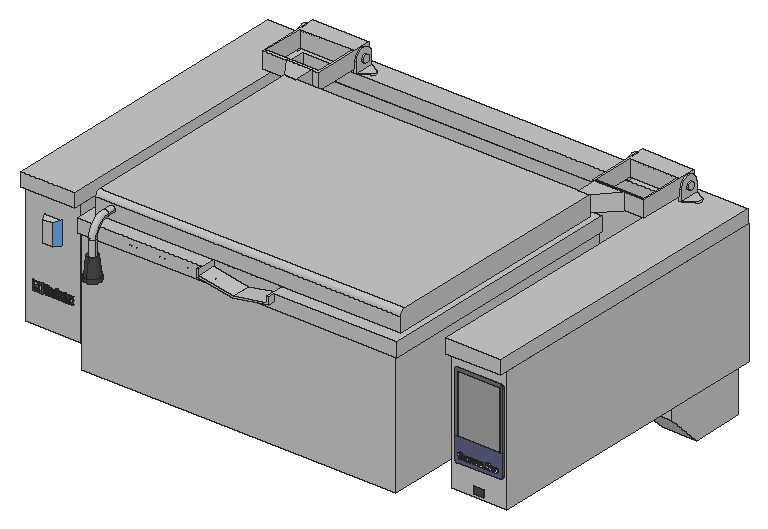
Revit family "QF_ELECTROLUXPROFESSIONAL_586283_PFET08EVEO", category Attrezzature speciali, Revit 2020
Family settings
  Quota connettore circolare = Usa diametro
  Tipo di parte = Normale
  Basato su piano di lavoro = No
  Sempre verticale = Sì
  Taglio con vuoti quando caricato = No
  Condiviso = No
  Punto di calcolo locali = No
Parameters (values of type "Standard")
  Weight = 240.00 kg
  Watts = 20600 W
  Volts = 400 V
  URL Manufacturer = "https://www.electroluxprofessional.com/"
  URL = "https://www.electroluxprofessional.com/"
  Steam Supply Size = 0 mm
  Steam Supply Minimum Pressure = 0.0 Pa
  Steam Supply Maximum Pressure = 0.0 Pa
  Steam Consumption per Hour = 0
  Refrigeration Suction Line Size = 0.0 mm
  Refrigeration Liquid Line Size = 0.0 mm
  Refrigerant Compressor Remote = yes
  Prospetto di default = 0.0 mm
  Produttore = "Electrolux Professional"
  Phase = 3
  Modello = "PFET08EVEO"
  Length Actual = 1400.0 mm  # constant formula
  Item Number = "586283"
  Hot Water Size = 12.7 mm
  Height Actual = 400.0 mm  # constant formula
  HP = "27.6 HP"
  Gas Size = 0 mm
  Gas KW = 0
  Gas Input Pressure = 0 W
  Direct Waste Size = 0 mm
  Descrizione = "ELECTRIC TILTING BRAISING PAN, 80L, COMPOUND, WALL,D900"
  Depth Actual = 900.0 mm  # constant formula
  Cycle = 50 Hz
  Condensate Return Size = 0 mm
  Compressed Air Volume = 0.0 L/s
  Compressed Air Size = 0 mm
  Compressed Air Pressure = 0.0 Pa
  Cold Water Size = 12.7 mm
  Accessory = yes
Reference planes
  plane 1 "Center (Front/Back)": y = 0
  plane 2: z = 0
  plane 3 "Center (Left/Right)": x = 0
  plane 4 "LEFT": x = -700
  plane 5 "RIGHT": x = 700
  plane 6 "BACK": y = 450
  plane 7 "FRONT": y = -450
  plane 8 "Base": z = 200
  plane 9 "TOP": z = 900
  plane 10: x = -540
  plane 11: x = 540
  plane 12 "Axe_PentolaY": y = -230
  plane 13 "AxePentolaZ": z = 730
  plane 14 "PLANE_TOP": z = 860
  plane 15: y = 380
  plane 16: z = 833
  plane 17: z = 502
  plane 18: z = 340
  plane 19: y = -552
  plane 20 "CentroPentolaY": y = -158
  plane 21 "TopCoperchio": z = 958
  plane 22 "Versamento": z = 910
  plane 23 "V1": through (-107.18, -558, 4000) normal (-0.7071, -0.7071, 0)
  plane 24 "V2": through (107.18, -558, 4000) normal (-0.7071, 0.7071, 0)
  plane 25 "Gfront": y = -1300
  plane 26 "LEVEL": through (-245.562, -289.383, 4000) normal (0.866, 0.5, 0)
  plane 27 "GRight": x = 250
  plane 28 "GLeft": x = -250
  plane 29 "Gback": y = -100
  plane 30: z = 1867
  plane 31 "Ribaltamento": y = -572
  plane 32 "AxeL": x = -620
  plane 33 "AxeR": x = 620
  plane 34 "Pentola_Back": y = 208
  plane 35 "Pentola_L": x = -457.5
  plane 36 "Pentola_R": x = 457.5
  plane 37: x = -397.5
  plane 38 "axeC1": x = -480
  plane 39 "axeC2": x = 480
Forms (mm)
  Revolve 1, solid, material "QF_Finishes_Stainless Steel"
    sketch origin (0, 0, 730) x (-1, 0, 0) y (0, -1, 0)
      loop
        line (540, 230) -> (-540, 230) -> (-540, 140) -> (-530, 140) -> (-530, 173) -> (530, 173) -> (530, 140) -> (540, 140) -> (540, 230)
      axis (540, 230) -> (-540, 230)
    angle from 0 to 360
  Extrusion 2, solid, material "QF_Finishes_Stainless Steel"
    sketch origin (0, 0, 860) x (-1, 0, 0) y (0, -1, 0)
      loop
        line (700, 450) -> (540, 450) -> (540, -380) -> (-540, -380) -> (-540, 450) -> (-700, 450) -> (-700, -450) -> (700, -450) -> (700, 450)
    from 0 to 40
  Extrusion 3, solid, material "QF_Finishes_Stainless Steel"
    sketch origin (0, 0, 860) x (-1, 0, 0) y (0, -1, 0)
      loop
        line (540, -380) -> (-540, -380) -> (-540, -450) -> (540, -450) -> (540, -380)
    from 0 to -360
  Extrusion 4, solid, material "QF_Finishes_Stainless Steel"
    sketch origin (-480, 0, 0) x (0, 1, 0) y (0, 0, 1)
      loop
        line (433.242, 900) -> (433.242, 931.379)
        arc (433.242, 931.379) -> (406.621, 958) -> (380, 931.379) r 26.621
        line (380, 931.379) -> (380, 900) -> (433.242, 900)
    from 88 to 95
  Extrusion 5, solid, material "QF_Finishes_Stainless Steel"
    sketch origin (-380, 0, 900) x (0, 1, 0) y (-1, 0, 0)
      loop
        line (380, 5) -> (395.936, -24.185)
        arc (395.936, -24.185) -> (406.621, -30.525) -> (417.305, -24.185) r 12.174
        line (417.305, -24.185) -> (433.242, 5) -> (380, 5)
      loop
        line (395.936, 211.185) -> (380, 182) -> (433.242, 182) -> (417.305, 211.185)
        arc (417.305, 211.185) -> (406.621, 217.525) -> (395.936, 211.185) r 12.174
    from 0 to 3
  Extrusion 6, solid, material "QF_Finishes_Stainless Steel"
    sketch origin (0, 0, 0) x (0, 1, 0) y (0, 0, 1)
      loop
        line (208, 860) -> (-529, 860) -> (-529, 502) -> (208, 502) -> (208, 860)
    from -457.5 to 457.5
  Extrusion 7, solid, material "QF_Finishes_Stainless Steel"
    sketch origin (0, 0, 0) x (0, 1, 0) y (0, 0, 1)
      loop
        line (214, 860) -> (214, 900) -> (-535, 900) -> (-535, 860) -> (214, 860)
    from -463.5 to 463.5
  Extrusion 8, void
    sketch origin (0, -450, 0) x (-1, 0, 0) y (0, 0, 1)
      loop
        line (-100, 900) -> (-100, 883.556) -> (0, 865.085) -> (100, 883.556) -> (100, 900) -> (-100, 900)
    from -85 to -45
  Extrusion 9, solid, material "QF_Finishes_Stainless Steel"
    sketch origin (0, 0, 0) x (0, 1, 0) y (0, 0, 1)
      loop
        line (194, 958) -> (-480, 958)
        arc (-480, 958) -> (-490.607, 953.607) -> (-495, 943) r 15
        line (-495, 943) -> (-495, 900) -> (194, 900) -> (194, 958)
    from -443.5 to 443.5
  Extrusion 10, solid, material "QF_Finishes_Stainless Steel"
    sketch origin (0, -450, 0) x (-1, 0, 0) y (0, 0, 1)
      loop
        line (100, 883.556) -> (0, 865.085) -> (-100, 883.556) -> (-100, 900) -> (-105, 900) -> (-105, 879.395) -> (0, 860) -> (105, 879.395) -> (105, 900) -> (100, 900) -> (100, 883.556)
    from -102 to -79
  Extrusion 11, solid, material "QF_Finishes_Stainless Steel"
    sketch origin (-480, 0, 0) x (0, 1, 0) y (0, 0, 1)
      loop
        line (433.242, 900) -> (433.242, 931.379)
        arc (433.242, 931.379) -> (406.621, 958) -> (380, 931.379) r 26.621
        line (380, 931.379) -> (380, 900) -> (433.242, 900)
    from -82 to -75
  Extrusion 12, solid, material "QF_Finishes_Stainless Steel"
    sketch origin (0, 0, 900) x (0, 1, 0) y (-1, 0, 0)
      loop
        line (433.242, 392) -> (433.242, 555) -> (252, 555) -> (252, 392) -> (433.242, 392)
      loop
        line (257, 550) -> (257, 397) -> (380, 397) -> (380, 550) -> (257, 550)
    from 10 to 58
  Extrusion 13, solid, material "QF_Finishes_Stainless Steel"
    sketch origin (-480, 0, 0) x (0, 1, 0) y (0, 0, 1)
      loop
        circle (406.621, 931.379) r 10
    from 95 to 102.877
  Extrusion 14, solid, material "QF_Finishes_Stainless Steel"
    sketch origin (-480, 0, 0) x (0, 1, 0) y (0, 0, 1)
      loop
        circle (406.621, 931.379) r 10
    from -82 to -89
  Extrusion 15, solid, material "QF_Finishes_Stainless Steel"
    sketch origin (480, 0, 900) x (0, 1, 0) y (-1, 0, 0)
      loop
        arc (395.936, -111.185) -> (406.621, -117.525) -> (417.305, -111.185) r 12.174
        line (417.305, -111.185) -> (433.242, -82) -> (380, -82) -> (395.936, -111.185)
      loop
        line (395.936, 111.185) -> (380, 82) -> (433.242, 82) -> (417.305, 111.185)
        arc (417.305, 111.185) -> (406.621, 117.525) -> (395.936, 111.185) r 12.174
    from 0 to 3
  Extrusion 16, solid, material "QF_Finishes_Stainless Steel"
    sketch origin (480, 0, 0) x (0, 1, 0) y (0, 0, 1)
      loop
        circle (406.621, 931.379) r 10
    from 82 to 89
  Extrusion 17, solid, material "QF_Finishes_Stainless Steel"
    sketch origin (480, 0, 0) x (0, 1, 0) y (0, 0, 1)
      loop
        circle (406.621, 931.379) r 10
    from -82 to -89
  Extrusion 18, solid, material "QF_Finishes_Stainless Steel"
    sketch origin (0, 0, 900) x (0, 1, 0) y (-1, 0, 0)
      loop
        line (433.242, -405) -> (252, -405) -> (252, -555) -> (433.242, -555) -> (433.242, -405)
      loop
        line (257, -550) -> (380, -550) -> (380, -410) -> (257, -410) -> (257, -550)
    from 10 to 58
  Extrusion 19, solid, material "QF_Finishes_Stainless Steel"
    sketch origin (480, 0, 0) x (0, 1, 0) y (0, 0, 1)
      loop
        line (433.242, 900) -> (433.242, 931.379)
        arc (433.242, 931.379) -> (406.621, 958) -> (380, 931.379) r 26.621
        line (380, 931.379) -> (380, 900) -> (433.242, 900)
    from 75 to 82
  Extrusion 20, solid, material "QF_Finishes_Stainless Steel"
    sketch origin (480, 0, 0) x (0, 1, 0) y (0, 0, 1)
      loop
        line (433.242, 900) -> (433.242, 931.379)
        arc (433.242, 931.379) -> (406.621, 958) -> (380, 931.379) r 26.621
        line (380, 931.379) -> (380, 900) -> (433.242, 900)
    from -82 to -75
  Extrusion 21, solid, material "QF_Finishes_Stainless Steel"
    sketch origin (0, 0, 900) x (0, 1, 0) y (-1, 0, 0)
      loop
        line (252, 412.5) -> (252, 484.112) -> (194, 443.5) -> (194, 412.5) -> (252, 412.5)
      loop
        line (252, -412.5) -> (194, -412.5) -> (194, -443.5) -> (252, -497.112) -> (252, -412.5)
    from 10 to 58
  Extrusion 22, solid, material "QF_Door-Drawer Clearances", detail levels coarse
    sketch origin (0, 43.989, -0.088) x (0, 1, 0) y (0, 0, 1)
      loop
        arc (-592.39, 847.898) -> (-615.226, 709.247) -> (-572.989, 575.225) r 302.677
        line (-572.989, 575.225) -> (-572.989, 847.898) -> (-592.39, 847.898)
      loop
        line (376.001, 958) -> (148.958, 1805.334) -> (134.47, 1801.451) -> (130.784, 1815.206)
        arc (130.784, 1815.206) -> (105.783, 1852.623) -> (63.169, 1867.088) r 70
        arc (63.169, 1867.088) -> (-375.163, 1494.534) -> (-538.989, 943.088) r 1010.009
        arc (-538.989, 943.088) -> (-535.155, 953.104) -> (-525.613, 958) r 15
        line (-525.613, 958) -> (376.001, 958)
    from 105 to -105
Cuts and joins
  Extrusion 8 cuts Extrusion 7
  joined: Extrusion 7, Extrusion 10
Lines and regions (mm)
  symbolic lines
    curve 1: line (700, 450, 900) -> (-700, 450, 900)
    curve 2: line (700, -450, 900) -> (700, 450, 900)
    curve 3: line (-700, 450, 900) -> (-700, -450, 900)
    curve 4: line (-700, -450, 900) -> (-540, -450, 900)
    curve 5: line (-540, -450, 900) -> (-540, 252, 900)
    curve 6: line (540, -450, 900) -> (700, -450, 900)
    curve 7: line (530, -140, 900) -> (530, -320, 900)
    curve 8: line (-530, -140, 900) -> (-530, -320, 900)
    curve 9: line (-530, -140, 900) -> (-540, -140, 900)
    curve 10: line (-530, -320, 900) -> (-540, -320, 900)
    curve 11: line (530, -140, 900) -> (540, -140, 900)
    curve 12: line (530, -320, 900) -> (540, -320, 900)
    curve 18: line (562, 380, 900) -> (555, 380, 900)
    curve 19: line (-530, -172.761, 900) -> (-462.169, -172.761, 900)
    curve 20: line (-530, -286.868, 900) -> (-463.5, -286.868, 900)
    curve 21: line (530, -172.761, 900) -> (463.5, -172.761, 900)
    curve 22: line (530, -286.868, 900) -> (463.5, -286.868, 900)
    curve 45: line (-443.5, -495, 900) -> (443.5, -495, 900)
    curve 49: line (-555, 252, 900) -> (-392, 252, 900)
    curve 50: line (-484.112, 252, 900) -> (-443.5, 194, 900)
    curve 51: line (-397.5, 194, 900) -> (-397.5, 214, 900)
    curve 52: line (-392, 252, 900) -> (-392, 433.242, 900)
    curve 53: line (-397, 257, 900) -> (-550, 257, 900)
    curve 54: line (-555, 433.242, 900) -> (-555, 252, 900)
    curve 55: line (-550, 257, 900) -> (-550, 380, 900)
    curve 56: line (-397, 380, 900) -> (-397, 257, 900)
    curve 57: line (-385, 380, 900) -> (-385, 433.242, 900)
    curve 58: line (-385, 433.242, 900) -> (-562, 433.242, 900)
    curve 59: line (-569, 416.621, 900) -> (-569, 396.621, 900)
    curve 60: line (-591.185, 395.936, 900) -> (-562, 380, 900)
    curve 61: arc (-591.185, 417.305, 900) -> (-597.525, 406.621, 900) -> (-591.185, 395.936, 900) r 12.174
    curve 62: line (-562, 433.242, 900) -> (-591.185, 417.305, 900)
    curve 63: line (-562, 433.242, 900) -> (-562, 380, 900)
    curve 64: arc (591.185, 395.936, 900) -> (597.525, 406.621, 900) -> (591.185, 417.305, 900) r 12.174
    curve 65: line (562, 380, 900) -> (591.185, 395.936, 900)
    curve 66: line (591.185, 417.305, 900) -> (562, 433.242, 900)
    curve 67: line (562, 380, 900) -> (562, 433.242, 900)
    curve 68: line (569, 396.621, 900) -> (569, 416.621, 900)
    curve 69: line (555, 252, 900) -> (555, 380, 900)
    curve 70: line (550, 380, 900) -> (550, 257, 900)
    curve 71: line (410, 257, 900) -> (410, 380, 900)
    curve 72: line (405, 433.242, 900) -> (405, 380, 900)
    curve 73: line (550, 257, 900) -> (410, 257, 900)
    curve 74: line (555, 252, 900) -> (405, 252, 900)
    curve 75: line (368.815, 395.936, 900) -> (398, 380, 900)
    curve 76: line (398, 433.242, 900) -> (368.815, 417.305, 900)
    curve 77: arc (368.815, 417.305, 900) -> (362.475, 406.621, 900) -> (368.815, 395.936, 900) r 12.174
    curve 78: line (391, 416.621, 900) -> (391, 396.621, 900)
    curve 79: line (398, 433.242, 900) -> (398, 380, 900)
    curve 80: line (443.5, 194, 900) -> (497.112, 252, 900)
    curve 81: line (-412.5, 194, 900) -> (-412.5, 252, 900)
    curve 82: line (-457.504, 214, 900) -> (-463.5, 214, 900)
    curve 83: line (412.5, 214, 900) -> (-412.5, 214, 900)
    curve 84: line (-569, 416.621, 900) -> (-562, 416.621, 900)
    curve 85: line (-569, 396.621, 900) -> (-562, 396.621, 900)
    curve 86: line (-377.123, 416.621, 900) -> (-385, 416.621, 900)
    curve 87: line (-377.123, 396.621, 900) -> (-385, 396.621, 900)
    curve 88: line (391, 396.621, 900) -> (398, 396.621, 900)
    curve 89: line (391, 416.621, 900) -> (398, 416.621, 900)
    curve 90: line (569, 416.621, 900) -> (562, 416.621, 900)
    curve 91: line (569, 396.621, 900) -> (562, 396.621, 900)
    curve 92: line (398, 433.242, 900) -> (562, 433.242, 900)
    curve 93: line (-550, 380, 900) -> (-397, 380, 900)
    curve 94: line (405, 380, 900) -> (405, 252, 900)
    curve 95: line (405, 380, 900) -> (-392, 380, 900)
    curve 96: line (550, 380, 900) -> (410, 380, 900)
    curve 97: line (555, 380, 900) -> (555, 433.242, 900)
    curve 98: line (540, 252, 900) -> (540, -450, 900)
    curve 99: line (-562, 380, 900) -> (-555, 380, 900)
    curve 100: line (-377.123, 416.621, 900) -> (-377.123, 396.621, 900)
    curve 101: line (-385, 380, 900) -> (-355.815, 395.936, 900)
    curve 102: arc (-355.815, 395.936, 900) -> (-349.475, 406.621, 900) -> (-355.815, 417.305, 900) r 12.174
    curve 103: line (-355.815, 417.305, 900) -> (-385, 433.242, 900)
    curve 104: line (412.5, 194, 900) -> (412.5, 252, 900)
    curve 105: line (-463.5, 214, 900) -> (-463.5, -535, 900)
    curve 106: line (-463.5, -535, 900) -> (-406.5, -535, 900)
    curve 107: line (-388.5, -535, 900) -> (-105, -535, 900)
    curve 108: line (105, -535, 900) -> (463.5, -535, 900)
    curve 109: line (463.5, -535, 900) -> (463.5, 214, 900)
  symbolic lines, style "SpecialityEquipmentHiddenLines"
    curve 13: line (-250, -1300, 900) -> (250, -1300, 900)
    curve 14: line (-250, -100, 900) -> (-250, -1300, 900)
    curve 15: line (250, -100, 900) -> (-250, -100, 900)
    curve 16: line (250, -1300, 900) -> (250, -100, 900)
    curve 39: line (0, -1165.484, 900) -> (0, -1135.484, 900)
    curve 40: line (-15, -1150.484, 900) -> (15, -1150.484, 900)
  symbolic lines, style "SpecialityEquipment"
    curve 17: circle (0, -1150.484, 900) r 15 normal (0, 0, 1)
    curve 23: line (210, -1300, 900) -> (210, -1100, 900)
    curve 24: line (170, -1300, 900) -> (170, -1140, 900)
    curve 25: line (130, -1300, 900) -> (130, -1180, 900)
    curve 26: line (90, -1300, 900) -> (90, -1220, 900)
    curve 27: line (90, -1260, 900) -> (250, -1260, 900)
    curve 28: line (130, -1220, 900) -> (250, -1220, 900)
    curve 29: line (170, -1180, 900) -> (250, -1180, 900)
    curve 30: line (210, -1140, 900) -> (250, -1140, 900)
    curve 31: line (-210, -1300, 900) -> (-210, -1100, 900)
    curve 32: line (-170, -1300, 900) -> (-170, -1140, 900)
    curve 33: line (-130, -1300, 900) -> (-130, -1180, 900)
    curve 34: line (-90, -1300, 900) -> (-90, -1220, 900)
    curve 35: line (-90, -1260, 900) -> (-250, -1260, 900)
    curve 36: line (-130, -1220, 900) -> (-250, -1220, 900)
    curve 37: line (-170, -1180, 900) -> (-250, -1180, 900)
    curve 38: line (-210, -1140, 900) -> (-250, -1140, 900)
    curve 41: line (-443.5, 194, 900) -> (-443.5, -495, 900)
    curve 42: line (443.5, -495, 900) -> (443.5, 194, 900)
    curve 43: line (443.5, 194, 900) -> (-443.5, 194, 900)
    curve 44: line (463.5, 214, 900) -> (461.987, 214, 900)
    curve 46: line (-105, -552, 900) -> (105, -552, 900)
    curve 47: line (105, -552, 900) -> (105, -495, 900)
    curve 48: line (-105, -495, 900) -> (-105, -552, 900)
Dimensions and locks
  plane 4 "LEFT" to plane 5 "RIGHT" = 1400.0 mm
  equal spacing: plane 4 "LEFT", plane 3 "Center (Left/Right)", plane 5 "RIGHT"
  equal spacing: plane 6 "BACK", plane 1 "Center (Front/Back)", plane 7 "FRONT"
  plane 6 "BACK" to plane 7 "FRONT" = 900.0 mm
  plane 8 "Base" to level = 200.0 mm
  plane 9 "TOP" to level = 900.0 mm
  plane 9 "TOP" to plane 8 "Base" = 700.0 mm
  locked: plane 4 "LEFT" to plane 10 at 160
  locked: plane 11 to plane 5 "RIGHT" at 160
  locked: plane 6 "BACK" to plane 12 "Axe_PentolaY" at 680
  locked: plane 13 "AxePentolaZ" to plane 8 "Base" at 530
  locked: Revolve 1 sketch curve to Revolve 1 sketch curve at 57
  locked: Revolve 1 sketch curve to Revolve 1 sketch curve at 90
  locked: plane 10 to Revolve 1 sketch curve at 10
  locked: Revolve 1 sketch curve to plane 11 at 10
  locked: plane 9 "TOP" to plane 14 "PLANE_TOP" at 40
  plane 6 "BACK" to plane 15 = 70.0 mm
  locked: plane 16 to plane 13 "AxePentolaZ" at 103
  locked: plane 13 "AxePentolaZ" to plane 17 at 228
  locked: plane 17 to plane 18 at 162
  plane 6 "BACK" to plane 19 = 1002.0 mm
  locked: plane 6 "BACK" to plane 20 "CentroPentolaY" at 608
  locked: plane 21 "TopCoperchio" to plane 9 "TOP" at 58
  locked: plane 22 "Versamento" to level at 910
  plane 6 "BACK" to plane 25 "Gfront" = 1750.0 mm
  locked: plane 28 "GLeft" to plane 3 "Center (Left/Right)" at 250
  locked: plane 3 "Center (Left/Right)" to plane 27 "GRight" at 250
  plane 6 "BACK" to plane 29 "Gback" = 550.0 mm
  plane 30 to plane 9 "TOP" = 967.0 mm
  plane 6 "BACK" to plane 31 "Ribaltamento" = 1022.0 mm
  equal spacing: plane 10, plane 32 "AxeL", plane 4 "LEFT"
  equal spacing: plane 5 "RIGHT", plane 33 "AxeR", plane 11
  locked: plane 36 "Pentola_R" to plane 35 "Pentola_L" at 915
  equal spacing: plane 36 "Pentola_R", plane 3 "Center (Left/Right)", plane 35 "Pentola_L"
  locked: Extrusion 7 sketch curve to plane 34 "Pentola_Back" at 6
  plane 34 "Pentola_Back" to plane 12 "Axe_PentolaY" = 438.0 mm
  locked: plane 37 to plane 35 "Pentola_L" at 60
  plane 4 "LEFT" to plane 38 "axeC1" = 220.0 mm
  plane 39 "axeC2" to plane 5 "RIGHT" = 220.0 mm
  locked: cut or joined group of Extrusion 7, Extrusion 8, Extrusion 10 to plane 36 "Pentola_R" at 6
  locked: plane 35 "Pentola_L" to cut or joined group of Extrusion 7, Extrusion 8, Extrusion 10 at 6
  locked: Extrusion 9 to plane 35 "Pentola_L" at 14
  locked: plane 36 "Pentola_R" to Extrusion 9 at 14
  aligned and locked: level to plane 2
  aligned and locked: plane 5 "RIGHT" to nested 2
  aligned and locked: plane 4 "LEFT" to nested 1
  aligned and locked: plane 6 "BACK" to nested 2
  aligned and locked: plane 10 to Revolve 1 sketch curve
  aligned and locked: plane 11 to Revolve 1 sketch curve
  aligned and locked: plane 4 "LEFT" to Extrusion 2 sketch curve
  aligned and locked: Extrusion 2 sketch curve to plane 10
  aligned and locked: plane 7 "FRONT" to Extrusion 2 sketch curve  (x2)
  aligned and locked: Extrusion 2 sketch curve to plane 5 "RIGHT"
  aligned and locked: plane 11 to Extrusion 2 sketch curve
  aligned and locked: Extrusion 2 sketch curve to plane 6 "BACK"
  aligned and locked: plane 15 to Extrusion 2 sketch curve
  aligned and locked: Extrusion 3 sketch curve to plane 10
  aligned and locked: plane 6 "BACK" to Extrusion 3 sketch curve
  aligned and locked: plane 11 to Extrusion 3 sketch curve
  aligned and locked: Extrusion 3 sketch curve to plane 15
  aligned and locked: curve 13 to plane 25 "Gfront"
  aligned and locked: curve 14 to plane 28 "GLeft"
  aligned and locked: plane 27 "GRight" to curve 16
  aligned and locked: plane 29 "Gback" to curve 15
  aligned and locked: plane 17 to Extrusion 6 sketch curve
  aligned and locked: plane 9 "TOP" to Extrusion 7 sketch curve
  aligned and locked: Extrusion 6 to plane 35 "Pentola_L"
  aligned and locked: plane 36 "Pentola_R" to Extrusion 6
  aligned and locked: plane 37 to nested 3
Automatic sketch dimensions
  plane 12 "Axe_PentolaY" to Revolve 1 sketch curve = 0.0 mm
  Revolve 1 sketch curve to plane 12 "Axe_PentolaY" = 0.0 mm
  plane 20 "CentroPentolaY" to Revolve 1 sketch curve = 18.0 mm
  plane 5 "RIGHT" to Revolve 1 sketch curve = 432.098 mm
  Revolve 1 sketch curve to plane 4 "LEFT" = 580.148 mm
  Extrusion 4 sketch curve to plane 9 "TOP" = 0.0 mm
  Extrusion 4 sketch curve to plane 15 = 0.0 mm
  plane 15 to Extrusion 4 sketch curve = 26.621 mm
  plane 22 "Versamento" to Extrusion 4 sketch curve = 21.379 mm
  plane 16 to Extrusion 6 sketch curve = 27.0 mm
  Extrusion 6 sketch curve to plane 34 "Pentola_Back" = 0.0 mm
  Extrusion 6 sketch curve to plane 7 "FRONT" = 79.0 mm
  Extrusion 7 sketch curve to plane 7 "FRONT" = 85.0 mm
  Extrusion 9 sketch curve to plane 9 "TOP" = 0.0 mm
  Extrusion 9 sketch curve to plane 7 "FRONT" = 45.0 mm
  Extrusion 9 sketch curve to Extrusion 9 sketch curve = 15.0 mm
  Extrusion 9 sketch curve to plane 34 "Pentola_Back" = 14.0 mm
  Extrusion 11 sketch curve to plane 9 "TOP" = 0.0 mm
  Extrusion 11 sketch curve to plane 15 = 0.0 mm
  plane 15 to Extrusion 11 sketch curve = 26.621 mm
  plane 22 "Versamento" to Extrusion 11 sketch curve = 21.379 mm
  Extrusion 12 sketch curve to plane 15 = 0.0 mm
  plane 37 to Extrusion 12 sketch curve = 0.5 mm
  plane 34 "Pentola_Back" to Extrusion 12 sketch curve = 49.0 mm
  Extrusion 12 sketch curve to Extrusion 12 sketch curve = 5.0 mm
  Extrusion 12 sketch curve to plane 6 "BACK" = 16.758 mm
  plane 37 to Extrusion 12 sketch curve = 5.5 mm
  Extrusion 12 sketch curve to plane 10 = 10.0 mm
  Extrusion 12 sketch curve to plane 10 = 15.0 mm
  plane 15 to Extrusion 13 sketch curve = 26.621 mm
  plane 22 "Versamento" to Extrusion 13 sketch curve = 21.379 mm
  plane 15 to Extrusion 14 sketch curve = 26.621 mm
  plane 22 "Versamento" to Extrusion 14 sketch curve = 21.379 mm
  Extrusion 15 sketch curve to plane 15 = 0.0 mm  (x2)
  plane 15 to Extrusion 15 sketch curve = 15.936 mm  (x2)
  Extrusion 15 sketch curve to Extrusion 15 sketch curve = 10.684 mm  (x4)
  plane 27 "GRight" to Extrusion 15 sketch curve = 118.815 mm
  Extrusion 15 sketch curve to plane 6 "BACK" = 16.758 mm  (x2)
  Extrusion 15 sketch curve to Extrusion 15 sketch curve = 5.834 mm  (x2)
  Extrusion 15 sketch curve to Extrusion 15 sketch curve = 29.185 mm
  plane 11 to Extrusion 15 sketch curve = 22.0 mm
  Extrusion 15 sketch curve to plane 33 "AxeR" = 34.649 mm
  plane 15 to Extrusion 16 sketch curve = 26.621 mm
  plane 22 "Versamento" to Extrusion 16 sketch curve = 21.379 mm
  plane 15 to Extrusion 17 sketch curve = 26.621 mm
  plane 22 "Versamento" to Extrusion 17 sketch curve = 21.379 mm
  Extrusion 18 sketch curve to plane 15 = 0.0 mm
  Extrusion 18 sketch curve to plane 34 "Pentola_Back" = 49.0 mm
  Extrusion 18 sketch curve to Extrusion 18 sketch curve = 5.0 mm  (x2)
  plane 6 "BACK" to Extrusion 18 sketch curve = 16.758 mm
  Extrusion 18 sketch curve to plane 27 "GRight" = 155.0 mm
  Extrusion 18 sketch curve to plane 11 = 10.0 mm
  Extrusion 18 sketch curve to plane 11 = 15.0 mm
  Extrusion 19 sketch curve to plane 9 "TOP" = 0.0 mm
  Extrusion 19 sketch curve to plane 15 = 0.0 mm
  Extrusion 19 sketch curve to Extrusion 19 sketch curve = 26.621 mm
  plane 22 "Versamento" to Extrusion 19 sketch curve = 21.379 mm
  Extrusion 20 sketch curve to plane 9 "TOP" = 0.0 mm
  Extrusion 20 sketch curve to plane 15 = 0.0 mm
  Extrusion 20 sketch curve to Extrusion 20 sketch curve = 26.621 mm
  plane 22 "Versamento" to Extrusion 20 sketch curve = 21.379 mm
  Extrusion 9 sketch curve to plane 21 "TopCoperchio" = 0.0 mm
  plane 16 to Extrusion 7 sketch curve = 27.0 mm
  Extrusion 5 sketch curve to plane 15 = 0.0 mm  (x2)
  plane 15 to Extrusion 5 sketch curve = 15.936 mm  (x2)
  Extrusion 5 sketch curve to Extrusion 5 sketch curve = 10.684 mm  (x4)
  Extrusion 5 sketch curve to plane 6 "BACK" = 16.758 mm  (x2)
  plane 37 to Extrusion 5 sketch curve = 41.685 mm
  Extrusion 5 sketch curve to Extrusion 5 sketch curve = 5.834 mm  (x2)
  Extrusion 5 sketch curve to plane 10 = 22.0 mm
  plane 32 "AxeL" to Extrusion 5 sketch curve = 34.649 mm
  plane 37 to Extrusion 5 sketch curve = 12.5 mm
  Extrusion 21 sketch curve to plane 34 "Pentola_Back" = 14.0 mm  (x2)
  Extrusion 21 sketch curve to plane 38 "axeC1" = 4.112 mm
  plane 34 "Pentola_Back" to Extrusion 21 sketch curve = 44.0 mm  (x2)
  plane 35 "Pentola_L" to Extrusion 21 sketch curve = 14.0 mm
  Extrusion 21 sketch curve to plane 37 = 15.0 mm
  Extrusion 21 sketch curve to plane 36 "Pentola_R" = 45.0 mm
  Extrusion 21 sketch curve to plane 36 "Pentola_R" = 14.0 mm
  plane 39 "axeC2" to Extrusion 21 sketch curve = 17.112 mm
  Extrusion 22 sketch curve to plane 30 = 0.0 mm
  plane 19 to Extrusion 22 sketch curve = 3.599 mm
  plane 19 to Extrusion 22 sketch curve = 23.0 mm
  Extrusion 22 sketch curve to plane 7 "FRONT" = 30.0 mm
  plane 13 "AxePentolaZ" to Extrusion 22 sketch curve = 0.64 mm
  Extrusion 22 sketch curve to plane 12 "Axe_PentolaY" = 39.323 mm
  Extrusion 22 sketch curve to plane 34 "Pentola_Back" = 33.227 mm
  Extrusion 22 sketch curve to Extrusion 22 sketch curve = 3.685 mm
  Extrusion 22 sketch curve to Extrusion 22 sketch curve = 14.489 mm
  Extrusion 22 sketch curve to plane 21 "TopCoperchio" = 0.088 mm
  Extrusion 22 sketch curve to plane 6 "BACK" = 30.01 mm
  Extrusion 22 sketch curve to plane 21 "TopCoperchio" = 15.0 mm
  plane 6 "BACK" to Extrusion 22 sketch curve = 65.009 mm
  plane 17 to Extrusion 22 sketch curve = 73.137 mm
  Extrusion 22 sketch curve to plane 30 = 70.0 mm
  Extrusion 22 sketch curve to Extrusion 22 sketch curve = 0.0 mm
  Extrusion 22 sketch curve to Extrusion 22 sketch curve = 1.624 mm
  curve 39 to plane 3 "Center (Left/Right)" = 0.0 mm
  curve 17 to plane 3 "Center (Left/Right)" = 0.0 mm
  curve 48 to plane 19 = 0.0 mm
  curve 6 to plane 5 "RIGHT" = 0.0 mm
  curve 6 to plane 7 "FRONT" = 0.0 mm
  curve 4 to plane 7 "FRONT" = 0.0 mm
  curve 10 to plane 10 = 0.0 mm
  curve 12 to plane 11 = 0.0 mm
  curve 51 to plane 37 = 0.0 mm
  curve 75 to plane 15 = 0.0 mm
  curve 18 to plane 15 = 0.0 mm
  curve 93 to plane 15 = 0.0 mm
  curve 99 to plane 15 = 0.0 mm
  curve 70 to plane 15 = 0.0 mm
  curve 2 to plane 6 "BACK" = 0.0 mm
  curve 3 to plane 4 "LEFT" = 0.0 mm
  plane 25 "Gfront" to curve 17 = 149.516 mm
  plane 19 to curve 105 = 17.0 mm
  plane 36 "Pentola_R" to curve 108 = 6.0 mm
  plane 19 to curve 108 = 17.0 mm
  curve 45 to plane 36 "Pentola_R" = 14.0 mm
  curve 108 to curve 45 = 40.0 mm
  plane 10 to curve 10 = 10.0 mm
  curve 10 to plane 12 "Axe_PentolaY" = 90.0 mm
  curve 7 to plane 11 = 10.0 mm
  curve 7 to plane 12 "Axe_PentolaY" = 90.0 mm
  plane 20 "CentroPentolaY" to curve 11 = 18.0 mm
  plane 20 "CentroPentolaY" to curve 8 = 18.0 mm
  curve 43 to plane 34 "Pentola_Back" = 14.0 mm
  plane 34 "Pentola_Back" to curve 82 = 6.0 mm
  plane 34 "Pentola_Back" to curve 44 = 6.0 mm
  plane 11 to curve 74 = 15.0 mm
  plane 34 "Pentola_Back" to curve 74 = 44.0 mm
  curve 54 to plane 10 = 15.0 mm
  plane 34 "Pentola_Back" to curve 54 = 44.0 mm
  curve 49 to curve 53 = 5.0 mm
  curve 104 to curve 73 = 5.0 mm
  plane 15 to curve 60 = 15.936 mm
  plane 15 to curve 75 = 15.936 mm
  plane 15 to curve 65 = 15.936 mm
  plane 15 to curve 101 = 15.936 mm
  plane 15 to curve 88 = 16.621 mm
  plane 15 to curve 59 = 16.621 mm
  plane 15 to curve 68 = 16.621 mm
  plane 15 to curve 100 = 16.621 mm
  curve 77 to curve 77 = 10.684 mm
  curve 60 to curve 61 = 10.684 mm
  curve 102 to curve 102 = 10.684 mm
  curve 64 to curve 64 = 10.684 mm
  curve 102 to curve 86 = 10.0 mm
  curve 64 to curve 90 = 10.0 mm
  curve 61 to curve 84 = 10.0 mm
  curve 77 to curve 89 = 10.0 mm
  curve 61 to curve 62 = 10.684 mm
  curve 77 to curve 76 = 10.684 mm
  curve 64 to curve 66 = 10.684 mm
  curve 102 to curve 103 = 10.684 mm
  curve 86 to curve 58 = 16.621 mm
  curve 90 to curve 92 = 16.621 mm
  curve 65 to plane 33 "AxeR" = 28.815 mm
  curve 64 to curve 64 = 5.834 mm
  curve 64 to curve 68 = 16.351 mm
  curve 68 to curve 66 = 7.0 mm
  curve 18 to curve 96 = 5.0 mm
  curve 73 to plane 36 "Pentola_R" = 47.5 mm
  curve 71 to curve 95 = 5.0 mm
  curve 94 to curve 79 = 7.0 mm
  curve 89 to curve 78 = 7.0 mm
  curve 78 to curve 77 = 16.351 mm
  curve 77 to curve 76 = 5.834 mm
  plane 3 "Center (Left/Right)" to curve 46 = 105.0 mm
  curve 48 to plane 3 "Center (Left/Right)" = 105.0 mm
  plane 37 to curve 101 = 41.685 mm
  curve 103 to curve 102 = 5.834 mm
  curve 102 to curve 86 = 15.475 mm
  plane 37 to curve 57 = 12.5 mm
  plane 37 to curve 49 = 5.5 mm
  plane 37 to curve 93 = 0.5 mm
  plane 35 "Pentola_L" to curve 45 = 14.0 mm
  curve 53 to curve 49 = 5.0 mm
  curve 99 to curve 63 = 7.0 mm
  curve 85 to curve 85 = 7.0 mm
  curve 59 to curve 61 = 16.351 mm
  curve 61 to curve 62 = 5.834 mm
  curve 26 to curve 27 = 40.0 mm
  curve 13 to curve 35 = 40.0 mm
  curve 27 to curve 28 = 40.0 mm
  curve 26 to curve 28 = 0.0 mm
  curve 35 to curve 36 = 40.0 mm
  curve 36 to curve 34 = 0.0 mm
  curve 36 to curve 37 = 40.0 mm
  curve 37 to curve 33 = 0.0 mm
  curve 28 to curve 29 = 40.0 mm
  curve 25 to curve 29 = 0.0 mm
  curve 39 to curve 17 = 15.0 mm
  curve 17 to curve 40 = 0.0 mm
  curve 37 to curve 32 = 40.0 mm
  curve 29 to curve 24 = 40.0 mm
  curve 37 to curve 38 = 40.0 mm
  curve 24 to curve 30 = 0.0 mm
  curve 38 to curve 31 = 40.0 mm
  curve 30 to curve 23 = 40.0 mm
  curve 46 to curve 107 = 17.0 mm
  curve 8 to curve 20 = 33.132 mm
  curve 22 to plane 12 "Axe_PentolaY" = 56.868 mm
  curve 19 to plane 35 "Pentola_L" = 4.669 mm
  curve 19 to plane 20 "CentroPentolaY" = 14.761 mm
  curve 21 to plane 20 "CentroPentolaY" = 14.761 mm
  plane 34 "Pentola_Back" to curve 51 = 6.0 mm
  curve 97 to curve 18 = 0.0 mm
  plane 39 "axeC2" to curve 80 = 17.112 mm
  curve 42 to curve 104 = 31.0 mm
  curve 72 to curve 94 = 0.0 mm
  curve 75 to curve 79 = 0.0 mm
  curve 23 to plane 27 "GRight" = 40.0 mm
  curve 30 to curve 29 = 40.0 mm
  curve 29 to curve 28 = 40.0 mm
  curve 28 to curve 26 = 40.0 mm
  curve 34 to plane 3 "Center (Left/Right)" = 90.0 mm
  curve 34 to curve 36 = 40.0 mm
  curve 33 to curve 32 = 40.0 mm
  curve 38 to curve 38 = 40.0 mm
  plane 37 to curve 107 = 9.0 mm
  curve 106 to plane 37 = 9.0 mm
  curve 81 to plane 37 = 15.0 mm
  curve 82 to plane 35 "Pentola_L" = 0.004 mm
  curve 20 to plane 35 "Pentola_L" = 6.0 mm
  Extrusion 8 sketch curve to plane 9 "TOP" = 0.0 mm
  Extrusion 8 sketch curve to plane 3 "Center (Left/Right)" = 0.0 mm
  Extrusion 8 sketch curve to plane 3 "Center (Left/Right)" = 100.0 mm
  Extrusion 8 sketch curve to plane 9 "TOP" = 16.444 mm  (x2)
  plane 3 "Center (Left/Right)" to Extrusion 8 sketch curve = 100.0 mm
  plane 14 "PLANE_TOP" to Extrusion 8 sketch curve = 5.085 mm
  Extrusion 10 sketch curve to plane 9 "TOP" = 0.0 mm  (x2)
  Extrusion 10 sketch curve to plane 3 "Center (Left/Right)" = 0.0 mm  (x2)
  Extrusion 10 sketch curve to plane 14 "PLANE_TOP" = 0.0 mm
  Extrusion 10 sketch curve to plane 9 "TOP" = 16.444 mm
  plane 3 "Center (Left/Right)" to Extrusion 10 sketch curve = 100.0 mm
  Extrusion 10 sketch curve to Extrusion 10 sketch curve = 5.0 mm  (x2)
  Extrusion 10 sketch curve to plane 3 "Center (Left/Right)" = 100.0 mm
  Extrusion 10 sketch curve to Extrusion 10 sketch curve = 5.085 mm
  plane 14 "PLANE_TOP" to Extrusion 10 sketch curve = 19.395 mm
  Extrusion 10 sketch curve to Extrusion 10 sketch curve = 4.161 mm  (x2)
  radius of Extrusion 13 sketch curve = 10.0 mm
  radius of Extrusion 14 sketch curve = 10.0 mm
  radius of Extrusion 16 sketch curve = 10.0 mm
  radius of Extrusion 17 sketch curve = 10.0 mm
Nested families
  nested 1: "QF_ELECTROLUXPROFESSIONAL_PBOT900H400_LEFT" at (-620, 0, 0), type "QF_ELECTROLUXPROFESSIONAL_PBOT900H400_LEFT"
    with Body Finish QF_Finishes_Stainless Steel
  nested 2: "QF_ELECTROLUXPROFESSIONAL_PBOT900H400_RIGHT" at (620, 0, 0), type "QF_ELECTROLUXPROFESSIONAL_PBOT900H400_RIGHT"
    with Body Finish QF_Finishes_Stainless Steel
  nested 3: "QF_ELECTROLUXPROFESSIONAL_PFET900_LEVEL2" at (-397.5, -495, 927.803), type "QF_ELECTROLUXPROFESSIONAL_PFET900_LEVEL2"
Connectors
  piping at (-650, 453, 395), diameter 12.7, driven by "Hot Water Size"
    settings: on nested 1, index 1, connector inside diameter 609.6 mm, connector length 0.0 mm, flow factor 0, pipe flow 0.0 L/s, pressure drop 0.0 Pa, fitting loss kfactor 0, connector angle 0.00°, fixture units 0, engagement length 0.0 mm, angle of deflection 0.00°, flow configuration 1, flow direction 1, fitting loss method 0, system type 19, joint type 0, gender type 0, connector reference index -1, connector utility 0, adjustable connector no, is connector primary yes, connector description "Hot Water Inlet"
  piping at (-590, 453, 395), diameter 12.7, driven by "Cold Water Size"
    settings: on nested 1, index 2, connector inside diameter 609.6 mm, connector length 0.0 mm, flow factor 0, pipe flow 0.0 L/s, pressure drop 0.0 Pa, fitting loss kfactor 0, connector angle 0.00°, fixture units 0, engagement length 0.0 mm, angle of deflection 0.00°, flow configuration 1, flow direction 1, fitting loss method 0, system type 20, joint type 0, gender type 0, connector reference index -1, connector utility 0, adjustable connector no, is connector primary no, connector description "Cold Water Inlet"
  electrical at (620, 450, 450), driven by "Volts"
    settings: on nested 2, index 3, voltage 400 V, apparent load 0 VA, apparent load phase1 0 VA, apparent load phase2 0 VA, apparent load phase3 0 VA, power factor 1, load classification "Other", number of poles 1, system type 30, power factor state 1, is connector primary yes, connector utility no, sub classification motor no, connector description "Electrical Connection"
Definition of nested family "QF_ELECTROLUXPROFESSIONAL_PBOT900H400_LEFT"
  Parameters
    Width = 160.0 mm
    Right = Width / 2  # 80.0 mm
    Default Elevation = 0.0 mm
    Left = -Width / 2  # -80.0 mm
    Htop = 40.0 mm
    Height = 900.0 mm
    HW_CW_y = 312.0 mm
    HW_CW_Border = 50.0 mm
    HBase = 200.0 mm
    Depth = 900.0 mm
    BorderFront = 20.0 mm
    Body Finish [instance] = none
  Reference planes
    plane 1 "Center (Front/Back)": y = 0
    plane 2: z = 0
    plane 3 "Center (Left/Right)": x = 0
    plane 4 "LEFT": x = -80
    plane 5 "RIGHT": x = 80
    plane 6 "BACK": y = 450
    plane 7 "FRONT": y = -450
    plane 8 "TOP": z = 900
    plane 9 "BorderFront": y = -430
    plane 10: z = 860
    plane 11: x = -30
    plane 12: x = 30
    plane 13: z = 500
    plane 14 "Base": z = 350
    plane 15: y = 210
    plane 16: x = 20
    plane 17: z = 800
    plane 18: z = 525
  Forms (mm)
    Extrusion 1, solid
      sketch origin (0, 0, 0) x (1, 0, 0) y (0, 1, 0)
        loop
          line (-80, 450) -> (-80, -430) -> (80, -430) -> (80, 450) -> (-80, 450)
      from 860 to 500
    Extrusion 2, solid, material <- "Body Finish"
      sketch origin (0, 450, 0) x (-1, 0, 0) y (0, 0, 1)
        loop
          circle (30, 395) r 6.35
        loop
          circle (-30, 395) r 6.35
      from 3 to 0
    Blend 3, solid, material <- "Body Finish"
      base sketch origin (0, -430, -0.233) x (-1, 0, 0) y (0, 0, 1)
        loop
          line (23.5, 800.233) -> (-23.5, 800.233) -> (-23.5, 733.433) -> (23.5, 733.433) -> (23.5, 800.233)
      top sketch origin (0, -430, -0.233) x (-1, 0, 0) y (0, 0, 1)
        loop
          line (13.448, 797.45) -> (-13.448, 797.45) -> (-13.448, 736.216) -> (13.448, 736.216) -> (13.448, 797.45)
      from 0 to -20
    Extrusion 4, solid
      sketch origin (-12.54, -430, 23) x (-1, 0, 0) y (0, 0, 1)
        loop
          line (5.327, 593.058) -> (5.327, 590.846) -> (11.437, 590.846) -> (11.437, 587.616) -> (5.692, 587.616) -> (5.692, 585.398) -> (11.437, 585.398) -> (11.437, 583.444)
          arc (11.437, 583.444) -> (10.839, 582.088) -> (9.435, 581.614) r 1.838
          line (9.435, 581.614) -> (5.163, 581.614) -> (5.163, 579.403) -> (9.986, 579.403)
          arc (9.986, 579.403) -> (12.674, 580.517) -> (13.788, 583.205) r 3.802
          line (13.788, 583.205) -> (13.788, 593.058) -> (5.327, 593.058)
        loop
          line (3.492, 593.058) -> (1.141, 593.058) -> (1.141, 579.403) -> (3.492, 579.403) -> (3.492, 593.058)
        loop
          line (-47.588, 593.058) -> (-49.941, 593.058) -> (-49.941, 579.403) -> (-47.588, 579.403) -> (-47.588, 593.058)
        loop
          arc (-2.749, 583.764) -> (-3.194, 582.272) -> (-4.489, 581.409) r 2.29
          arc (-4.489, 581.409) -> (-6.614, 581.225) -> (-8.443, 582.322) r 3.458
          line (-8.443, 582.322) -> (-9.836, 580.928)
          arc (-9.836, 580.928) -> (-7.685, 579.48) -> (-5.119, 579.102) r 5.86
          arc (-5.119, 579.102) -> (-1.823, 580.467) -> (-0.457, 583.764) r 4.662
          arc (-0.457, 583.764) -> (-1.495, 587.706) -> (-5.131, 589.55) r 4.976
          arc (-5.131, 589.55) -> (-9.259, 588.004) -> (-10.466, 583.764) r 4.89
          line (-10.466, 583.764) -> (-2.749, 583.764)
        loop
          arc (-2.808, 585.417) -> (-3.843, 587.066) -> (-5.727, 587.557) r 2.64
          arc (-5.727, 587.557) -> (-7.36, 586.981) -> (-8.104, 585.417) r 2.256
          line (-8.104, 585.417) -> (-2.808, 585.417)
        loop
          arc (-19.634, 586.402) -> (-17.741, 587.437) -> (-15.609, 587.112) r 3.369
          arc (-15.609, 587.112) -> (-14.276, 585.699) -> (-14.118, 583.764) r 2.933
          arc (-14.118, 583.764) -> (-16.389, 581.316) -> (-19.559, 582.365) r 3.088
          line (-19.559, 582.365) -> (-21.028, 580.896)
          arc (-21.028, 580.896) -> (-14.811, 579.611) -> (-11.775, 585.186) r 5.33
          arc (-11.775, 585.186) -> (-13.576, 588.365) -> (-17.009, 589.62) r 5.293
          arc (-17.009, 589.62) -> (-19.259, 589.219) -> (-21.111, 587.878) r 5.117
          line (-21.111, 587.878) -> (-19.634, 586.402)
        loop
          line (-22.556, 593.058) -> (-24.908, 593.058) -> (-24.908, 589.279) -> (-27.044, 589.279) -> (-27.044, 587.143) -> (-24.908, 587.143) -> (-24.908, 583.764)
          arc (-24.908, 583.764) -> (-25.11, 582.682) -> (-25.866, 581.883) r 1.949
          arc (-25.866, 581.883) -> (-26.455, 581.649) -> (-27.088, 581.601) r 2.118
          line (-27.088, 581.601) -> (-27.088, 579.397)
          arc (-27.088, 579.397) -> (-24.962, 579.678) -> (-23.283, 581.013) r 4.018
          arc (-23.283, 581.013) -> (-22.759, 582.327) -> (-22.556, 583.727) r 6.031
          line (-22.556, 583.727) -> (-22.556, 593.058)
        loop
          line (-31.355, 584.595) -> (-31.355, 579.403) -> (-29.023, 579.403) -> (-29.023, 589.279) -> (-31.355, 589.279) -> (-31.355, 587.855)
          arc (-31.355, 587.855) -> (-32.932, 589.208) -> (-35.001, 589.403) r 3.432
          line (-35.001, 589.403) -> (-35.001, 587.143)
          arc (-35.001, 587.143) -> (-33.417, 587.175) -> (-32.009, 586.452) r 3.231
          arc (-32.009, 586.452) -> (-31.523, 585.579) -> (-31.355, 584.595) r 2.967
        loop
          circle (-40.752, 584.339) r 5.233
        loop
          circle (-40.752, 584.339) r 3.172
        loop
          line (-58.424, 583.516) -> (-58.424, 589.279) -> (-60.794, 589.279) -> (-60.794, 583.417)
          arc (-60.794, 583.417) -> (-59.481, 580.276) -> (-56.268, 579.153) r 4.181
          arc (-56.268, 579.153) -> (-53.09, 580.243) -> (-51.74, 583.32) r 4.181
          line (-51.74, 583.32) -> (-51.74, 589.279) -> (-54.111, 589.279) -> (-54.111, 583.516)
          arc (-54.111, 583.516) -> (-54.692, 581.919) -> (-56.268, 581.283) r 2.088
          arc (-56.268, 581.283) -> (-57.843, 581.919) -> (-58.424, 583.516) r 2.088
        loop
          line (-62.216, 589.279) -> (-64.76, 589.279) -> (-66.89, 586.347) -> (-69.053, 589.279) -> (-71.621, 589.279) -> (-68.238, 584.695) -> (-71.937, 579.4) -> (-69.425, 579.4) -> (-66.898, 582.879) -> (-64.408, 579.4) -> (-61.879, 579.4) -> (-65.631, 584.642) -> (-62.216, 589.279)
        loop
          arc (12.465, 573.743) -> (10.91, 572.325) -> (12.18, 570.647) r 1.561
          line (12.18, 570.647) -> (13.314, 570.647) -> (13.314, 569.021) -> (14.34, 569.021) -> (14.34, 573.743) -> (12.465, 573.743)
        loop
          line (12.224, 571.575) -> (13.314, 571.575) -> (13.314, 572.789) -> (12.224, 572.789)
          arc (12.224, 572.789) -> (11.836, 572.182) -> (12.224, 571.575) r 0.668
        loop
          arc (5.055, 573.743) -> (3.966, 573.299) -> (3.497, 572.221) r 1.559
          arc (3.497, 572.221) -> (3.646, 571.544) -> (4.091, 571.012) r 1.458
          line (4.091, 571.012) -> (3.163, 569.021) -> (4.265, 569.021) -> (4.944, 570.647) -> (5.937, 570.647) -> (5.937, 569.021) -> (6.963, 569.021) -> (6.963, 573.743) -> (5.055, 573.743)
        loop
          line (5.937, 572.789) -> (4.847, 572.789)
          arc (4.847, 572.789) -> (4.459, 572.182) -> (4.847, 571.575) r 0.668
          line (4.847, 571.575) -> (5.937, 571.575) -> (5.937, 572.789)
        loop
          circle (-2.866, 571.382) r 2.453
        loop
          circle (-2.866, 571.382) r 1.557
        loop
          line (-9.35, 573.743) -> (-12.299, 573.743) -> (-12.299, 572.725) -> (-10.352, 572.725) -> (-10.352, 571.729) -> (-12.129, 571.729) -> (-12.129, 570.671) -> (-10.352, 570.671) -> (-10.352, 569.021) -> (-9.35, 569.021) -> (-9.35, 573.743)
        loop
          line (-16.282, 573.743) -> (-19.27, 573.743) -> (-19.27, 572.851) -> (-17.252, 572.851) -> (-17.252, 571.921) -> (-19.139, 571.921) -> (-19.139, 571.029) -> (-17.252, 571.029)
          arc (-17.252, 571.029) -> (-17.355, 570.353) -> (-17.883, 569.916) r 0.961
          line (-17.883, 569.916) -> (-19.316, 569.916) -> (-19.316, 569.024) -> (-17.792, 569.024)
          arc (-17.792, 569.024) -> (-16.717, 569.474) -> (-16.282, 570.555) r 1.51
          line (-16.282, 570.555) -> (-16.282, 573.743)
        loop
          line (-33.381, 573.145) -> (-32.842, 572.436)
          arc (-32.842, 572.436) -> (-32.43, 572.802) -> (-31.895, 572.931) r 1.135
          arc (-31.895, 572.931) -> (-31.448, 572.574) -> (-31.757, 572.093) r 0.427
          arc (-31.757, 572.093) -> (-32.293, 571.892) -> (-32.815, 571.659) r 9.371
          arc (-32.815, 571.659) -> (-33.228, 571.39) -> (-33.551, 571.017) r 1.779
          arc (-33.551, 571.017) -> (-33.7, 570.209) -> (-33.41, 569.439) r 1.535
          arc (-33.41, 569.439) -> (-32.755, 569.091) -> (-32.028, 568.946) r 2.556
          arc (-32.028, 568.946) -> (-31.439, 569.005) -> (-30.895, 569.238) r 1.957
          arc (-30.895, 569.238) -> (-30.416, 569.671) -> (-30.118, 570.245) r 1.815
          line (-30.118, 570.245) -> (-30.944, 570.63)
          arc (-30.944, 570.63) -> (-31.179, 570.219) -> (-31.563, 569.943) r 1.118
          arc (-31.563, 569.943) -> (-32.007, 569.83) -> (-32.453, 569.935) r 0.963
          arc (-32.453, 569.935) -> (-32.693, 570.417) -> (-32.345, 570.828) r 0.489
          arc (-32.345, 570.828) -> (-31.793, 571.095) -> (-31.211, 571.289) r 4.78
          arc (-31.211, 571.289) -> (-30.52, 572.116) -> (-30.631, 573.188) r 1.385
          arc (-30.631, 573.188) -> (-31.232, 573.642) -> (-31.964, 573.821) r 1.872
          arc (-31.964, 573.821) -> (-32.756, 573.658) -> (-33.381, 573.145) r 1.69
        loop
          line (-37.714, 573.743) -> (-38.684, 573.743) -> (-38.684, 569.024) -> (-37.714, 569.024) -> (-37.714, 573.743)
        loop
          circle (-45.226, 571.384) r 1.468
        loop
          circle (-45.226, 571.384) r 2.451
        loop
          line (-51.736, 569.024) -> (-51.736, 573.743) -> (-52.679, 573.743) -> (-54.838, 570.686) -> (-54.838, 573.743) -> (-55.818, 573.743) -> (-55.818, 569.024) -> (-54.875, 569.024) -> (-52.716, 571.991) -> (-52.716, 569.024) -> (-51.736, 569.024)
        loop
          line (-60.71, 569.024) -> (-59.668, 569.024) -> (-61.514, 573.743) -> (-62.424, 573.743) -> (-64.417, 569.024) -> (-63.375, 569.024) -> (-62.915, 570.042) -> (-61.17, 570.042) -> (-60.71, 569.024)
        loop
          line (-62.48, 571.01) -> (-61.558, 571.01) -> (-62.012, 572.047) -> (-62.48, 571.01)
        loop
          line (-69.237, 569.916) -> (-71.051, 569.916) -> (-71.051, 569.024) -> (-68.266, 569.024) -> (-68.266, 573.743) -> (-69.237, 573.743) -> (-69.237, 569.916)
        loop
          line (-26.307, 573.145) -> (-25.768, 572.436)
          arc (-25.768, 572.436) -> (-25.356, 572.802) -> (-24.821, 572.931) r 1.135
          arc (-24.821, 572.931) -> (-24.373, 572.574) -> (-24.683, 572.093) r 0.427
          arc (-24.683, 572.093) -> (-25.218, 571.892) -> (-25.74, 571.659) r 9.371
          arc (-25.74, 571.659) -> (-26.153, 571.39) -> (-26.476, 571.017) r 1.779
          arc (-26.476, 571.017) -> (-26.625, 570.209) -> (-26.336, 569.439) r 1.535
          arc (-26.336, 569.439) -> (-25.681, 569.091) -> (-24.953, 568.946) r 2.556
          arc (-24.953, 568.946) -> (-24.365, 569.005) -> (-23.821, 569.238) r 1.957
          arc (-23.821, 569.238) -> (-23.341, 569.671) -> (-23.044, 570.245) r 1.815
          line (-23.044, 570.245) -> (-23.87, 570.63)
          arc (-23.87, 570.63) -> (-24.105, 570.219) -> (-24.488, 569.943) r 1.118
          arc (-24.488, 569.943) -> (-24.933, 569.83) -> (-25.379, 569.935) r 0.963
          arc (-25.379, 569.935) -> (-25.619, 570.417) -> (-25.27, 570.828) r 0.489
          arc (-25.27, 570.828) -> (-24.718, 571.095) -> (-24.137, 571.289) r 4.78
          arc (-24.137, 571.289) -> (-23.445, 572.116) -> (-23.556, 573.188) r 1.385
          arc (-23.556, 573.188) -> (-24.158, 573.642) -> (-24.889, 573.821) r 1.872
          arc (-24.889, 573.821) -> (-25.681, 573.658) -> (-26.307, 573.145) r 1.69
        loop
          arc (28.462, 593.245) -> (19.282, 580.828) -> (28.462, 568.412) r 12.987
          line (28.462, 568.412) -> (28.462, 593.245)
        loop
          line (29.418, 593.324) -> (29.418, 591.35)
          arc (29.418, 591.35) -> (32.835, 584.89) -> (39.417, 581.715) r 11.707
          line (39.417, 581.715) -> (45.017, 581.715)
          arc (45.017, 581.715) -> (39.886, 591.105) -> (29.418, 593.324) r 12.809
        loop
          line (29.725, 570.21) -> (29.725, 568.093)
          arc (29.725, 568.093) -> (40.061, 570.682) -> (45.028, 580.108) r 13.06
          line (45.028, 580.108) -> (40.92, 580.108)
          arc (40.92, 580.108) -> (33.58, 577.129) -> (29.725, 570.21) r 11.93
        loop
          line (45.971, 594.6) -> (18.333, 594.6) -> (18.333, 567) -> (45.971, 567) -> (45.971, 594.6)
      from -1.6 to 0
    Extrusion 5, solid
      sketch origin (0, 0, 0) x (0, 1, 0) y (0, 0, 1)
        loop
          line (450, 500) -> (210, 500) -> (210, 440) -> (300, 350) -> (450, 350) -> (450, 500)
      from -50 to 50
    Extrusion 6, void
      sketch origin (0, 450, 0) x (-1, 0, 0) y (0, 0, 1)
        loop
          circle (-20, 800) r 5
        loop
          circle (-20, 525) r 5
      from 0 to -5
  Cuts and joins
    Extrusion 6 cuts Extrusion 1
  Lines and regions (mm)
    symbolic lines
      curve 1: line (80, 450, 0) -> (-80, 450, 0)
      curve 2: line (-80, 450, 0) -> (-80, -430, 0)
  Dimensions and locks
    "Width": plane 4 "LEFT" to plane 5 "RIGHT"
    equal spacing: plane 4 "LEFT", plane 3 "Center (Left/Right)", plane 5 "RIGHT"
    equal spacing: plane 6 "BACK", plane 1 "Center (Front/Back)", plane 7 "FRONT"
    "Depth": plane 6 "BACK" to plane 7 "FRONT"
    "BorderFront": plane 9 "BorderFront" to plane 7 "FRONT"
    "Htop": plane 8 "TOP" to plane 10
    "Height": plane 8 "TOP" to level
    "HW_CW_Border": plane 4 "LEFT" to plane 11
    "HW_CW_Border": plane 12 to plane 5 "RIGHT"
    locked: plane 10 to plane 13 at 360
    plane 13 to plane 14 "Base" = 150.0 mm
    plane 6 "BACK" to plane 15 = 240.0 mm
    plane 16 to plane 4 "LEFT" = 100.0 mm
    plane 18 to plane 17 to plane 10 = 275.0 mm, 60.0 mm
    aligned and locked: level to plane 2
    aligned and locked: plane 9 "BorderFront" to Extrusion 1 sketch curve
    aligned and locked: plane 10 to Extrusion 1
    aligned and locked: plane 4 "LEFT" to Extrusion 1 sketch curve
    aligned and locked: Extrusion 1 sketch curve to plane 5 "RIGHT"
    aligned and locked: Extrusion 1 sketch curve to plane 6 "BACK"
    aligned and locked: Extrusion 1 to plane 13
    aligned and locked: plane 6 "BACK" to Extrusion 5 sketch curve
    aligned and locked: plane 13 to Extrusion 5 sketch curve
    aligned and locked: plane 14 "Base" to Extrusion 5 sketch curve
    aligned and locked: plane 15 to Extrusion 5 sketch curve
  Automatic sketch dimensions
    curve 2 to plane 4 "LEFT" = 0.0 mm
    curve 1 to plane 5 "RIGHT" = 0.0 mm
    curve 2 to plane 9 "BorderFront" = 0.0 mm
    curve 2 to plane 6 "BACK" = 0.0 mm
    plane 3 "Center (Left/Right)" to Extrusion 2 sketch curve = 30.0 mm
    Extrusion 2 sketch curve to plane 3 "Center (Left/Right)" = 30.0 mm
    Extrusion 2 sketch curve to Extrusion 2 sketch curve = 0.0 mm
    plane 3 "Center (Left/Right)" to Blend 3 sketch curve = 23.5 mm
    Blend 3 sketch curve to plane 3 "Center (Left/Right)" = 23.5 mm
    Blend 3 sketch curve to plane 10 = 126.8 mm
    Blend 3 sketch curve to plane 10 = 60.0 mm
    plane 3 "Center (Left/Right)" to Blend 3 sketch curve = 13.448 mm
    Blend 3 sketch curve to plane 3 "Center (Left/Right)" = 13.448 mm
    Blend 3 sketch curve to plane 10 = 124.017 mm
    Blend 3 sketch curve to Blend 3 sketch curve = 61.233 mm
    Extrusion 4 sketch curve to Extrusion 4 sketch curve = 0.0 mm  (x33)
    Extrusion 4 sketch curve to plane 8 "TOP" = 297.6 mm  (x2)
    Extrusion 4 sketch curve to plane 5 "RIGHT" = 20.603 mm
    Extrusion 4 sketch curve to plane 8 "TOP" = 287.721 mm  (x2)
    Extrusion 4 sketch curve to Extrusion 4 sketch curve = 0.317 mm
    Extrusion 4 sketch curve to Extrusion 4 sketch curve = 0.886 mm
    Extrusion 4 sketch curve to Extrusion 4 sketch curve = 2.512 mm
    Extrusion 4 sketch curve to Extrusion 4 sketch curve = 1.815 mm
    Extrusion 4 sketch curve to Extrusion 4 sketch curve = 2.567 mm
    Extrusion 4 sketch curve to Extrusion 4 sketch curve = 0.97 mm  (x3)
    Extrusion 4 sketch curve to plane 8 "TOP" = 292.305 mm
    Extrusion 4 sketch curve to Extrusion 4 sketch curve = 0.815 mm  (x2)
    Extrusion 4 sketch curve to plane 8 "TOP" = 294.121 mm
    Extrusion 4 sketch curve to Extrusion 4 sketch curve = 1.341 mm
    Extrusion 4 sketch curve to plane 8 "TOP" = 290.653 mm
    Extrusion 4 sketch curve to Extrusion 4 sketch curve = 1.348 mm
    Extrusion 4 sketch curve to plane 8 "TOP" = 292.358 mm
    Extrusion 4 sketch curve to Extrusion 4 sketch curve = 1.259 mm
    Extrusion 4 sketch curve to Extrusion 4 sketch curve = 2.13 mm
    Extrusion 4 sketch curve to Extrusion 4 sketch curve = 3.849 mm
    Extrusion 4 sketch curve to Extrusion 4 sketch curve = 2.49 mm
    Extrusion 4 sketch curve to plane 8 "TOP" = 307.976 mm  (x2)
    Extrusion 4 sketch curve to Extrusion 4 sketch curve = 1.043 mm
    Extrusion 4 sketch curve to plane 8 "TOP" = 306.958 mm
    Extrusion 4 sketch curve to Extrusion 4 sketch curve = 0.46 mm  (x2)
    Extrusion 4 sketch curve to plane 8 "TOP" = 305.99 mm
    Extrusion 4 sketch curve to Extrusion 4 sketch curve = 0.435 mm  (x3)
    Extrusion 4 sketch curve to plane 8 "TOP" = 303.257 mm  (x2)
    Extrusion 4 sketch curve to Extrusion 4 sketch curve = 0.055 mm  (x2)
    Extrusion 4 sketch curve to Extrusion 4 sketch curve = 2.544 mm
    Extrusion 4 sketch curve to plane 8 "TOP" = 304.953 mm
    Extrusion 4 sketch curve to Extrusion 4 sketch curve = 0.468 mm
    Extrusion 4 sketch curve to Extrusion 4 sketch curve = 2.528 mm
    Extrusion 4 sketch curve to Extrusion 4 sketch curve = 0.922 mm
    Extrusion 4 sketch curve to Extrusion 4 sketch curve = 0.91 mm
    Extrusion 4 sketch curve to Extrusion 4 sketch curve = 0.388 mm
    Extrusion 4 sketch curve to Extrusion 4 sketch curve = 1.422 mm
    Extrusion 4 sketch curve to Extrusion 4 sketch curve = 1.042 mm
    Extrusion 4 sketch curve to Extrusion 4 sketch curve = 2.371 mm
    Extrusion 4 sketch curve to Extrusion 4 sketch curve = 1.809 mm  (x2)
    Extrusion 4 sketch curve to Extrusion 4 sketch curve = 0.273 mm  (x2)
    Extrusion 4 sketch curve to Extrusion 4 sketch curve = 0.147 mm
    Extrusion 4 sketch curve to Extrusion 4 sketch curve = 5.696 mm
    Extrusion 4 sketch curve to Extrusion 4 sketch curve = 0.943 mm
    Extrusion 4 sketch curve to Extrusion 4 sketch curve = 0.037 mm  (x2)
    Extrusion 4 sketch curve to plane 8 "TOP" = 305.009 mm
    Extrusion 4 sketch curve to Extrusion 4 sketch curve = 2.122 mm
    Extrusion 4 sketch curve to Extrusion 4 sketch curve = 2.372 mm
    Extrusion 4 sketch curve to Extrusion 4 sketch curve = 0.944 mm
    Extrusion 4 sketch curve to Extrusion 4 sketch curve = 1.799 mm
    Extrusion 4 sketch curve to Extrusion 4 sketch curve = 2.353 mm
    Extrusion 4 sketch curve to Extrusion 4 sketch curve = 6.509 mm
    Extrusion 4 sketch curve to Extrusion 4 sketch curve = 6.836 mm
    Extrusion 4 sketch curve to Extrusion 4 sketch curve = 2.068 mm
    Extrusion 4 sketch curve to Extrusion 4 sketch curve = 5.751 mm
    Extrusion 4 sketch curve to Extrusion 4 sketch curve = 0.679 mm
    Extrusion 4 sketch curve to Extrusion 4 sketch curve = 0.728 mm
    Extrusion 4 sketch curve to Extrusion 4 sketch curve = 0.178 mm
    Extrusion 4 sketch curve to Extrusion 4 sketch curve = 4.332 mm
    Extrusion 4 sketch curve to plane 8 "TOP" = 304.564 mm  (x2)
    Extrusion 4 sketch curve to Extrusion 4 sketch curve = 0.539 mm  (x2)
    Extrusion 4 sketch curve to Extrusion 4 sketch curve = 0.634 mm  (x2)
    Extrusion 4 sketch curve to Extrusion 4 sketch curve = 0.036 mm  (x2)
    Extrusion 4 sketch curve to Extrusion 4 sketch curve = 0.114 mm  (x2)
    Extrusion 4 sketch curve to Extrusion 4 sketch curve = 0.807 mm  (x2)
    Extrusion 4 sketch curve to Extrusion 4 sketch curve = 0.007 mm  (x2)
    Extrusion 4 sketch curve to Extrusion 4 sketch curve = 0.156 mm  (x2)
    Extrusion 4 sketch curve to Extrusion 4 sketch curve = 0.005 mm  (x2)
    Extrusion 4 sketch curve to Extrusion 4 sketch curve = 0.083 mm  (x2)
    Extrusion 4 sketch curve to Extrusion 4 sketch curve = 0.13 mm  (x4)
    Extrusion 4 sketch curve to Extrusion 4 sketch curve = 0.009 mm  (x2)
    Extrusion 4 sketch curve to Extrusion 4 sketch curve = 0.159 mm  (x2)
    Extrusion 4 sketch curve to Extrusion 4 sketch curve = 0.075 mm  (x2)
    Extrusion 4 sketch curve to Extrusion 4 sketch curve = 0.025 mm  (x2)
    Extrusion 4 sketch curve to Extrusion 4 sketch curve = 2.918 mm
    Extrusion 4 sketch curve to Extrusion 4 sketch curve = 2.789 mm
    Extrusion 4 sketch curve to plane 8 "TOP" = 306.37 mm  (x2)
    Extrusion 4 sketch curve to Extrusion 4 sketch curve = 0.908 mm  (x2)
    Extrusion 4 sketch curve to plane 8 "TOP" = 306.755 mm  (x2)
